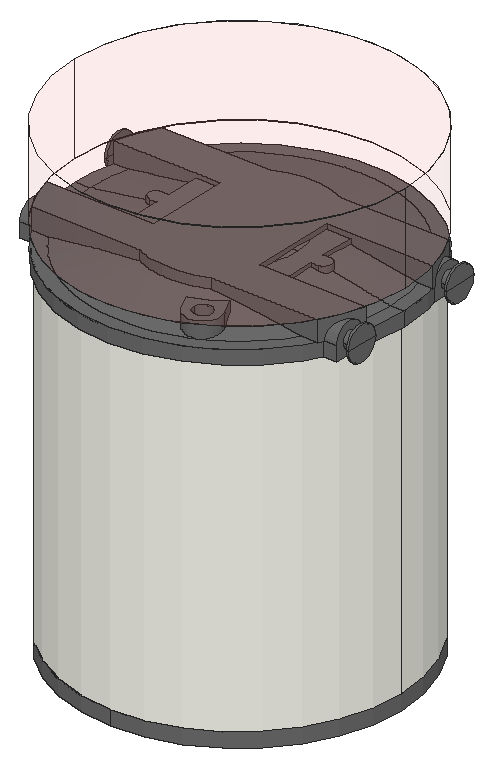
Revit family (continued)
Definition of nested family "Cooling_Plant_Accessories-Calmac-IceBank-Lid_C"
  Dimensions and locks (in)
    aligned and locked: curve 124 to cut or joined group of Revolve 1, Extrusion 2, Extrusion 4, Extrusion 5
    aligned and locked: curve 125 to cut or joined group of Revolve 1, Extrusion 2, Extrusion 4, Extrusion 5
    aligned and locked: curve 126 to cut or joined group of Revolve 1, Extrusion 2, Extrusion 4, Extrusion 5
    aligned and locked: curve 127 to cut or joined group of Revolve 1, Extrusion 2, Extrusion 4, Extrusion 5
    aligned and locked: curve 128 to cut or joined group of Revolve 1, Extrusion 2, Extrusion 4, Extrusion 5
    aligned and locked: curve 129 to cut or joined group of Revolve 1, Extrusion 2, Extrusion 4, Extrusion 5
    aligned and locked: curve 130 to cut or joined group of Revolve 1, Extrusion 2, Extrusion 4, Extrusion 5
    aligned and locked: curve 131 to cut or joined group of Revolve 1, Extrusion 2, Extrusion 4, Extrusion 5
    aligned and locked: curve 132 to cut or joined group of Revolve 1, Extrusion 2, Extrusion 4, Extrusion 5
    aligned and locked: curve 133 to cut or joined group of Revolve 1, Extrusion 2, Extrusion 4, Extrusion 5
    aligned and locked: curve 134 to cut or joined group of Revolve 1, Extrusion 2, Extrusion 4, Extrusion 5
    aligned and locked: curve 135 to cut or joined group of Revolve 1, Extrusion 2, Extrusion 4, Extrusion 5
    aligned and locked: curve 136 to cut or joined group of Revolve 1, Extrusion 2, Extrusion 4, Extrusion 5
    aligned and locked: curve 137 to cut or joined group of Revolve 1, Extrusion 2, Extrusion 4, Extrusion 5
    aligned and locked: curve 138 to cut or joined group of Revolve 1, Extrusion 2, Extrusion 4, Extrusion 5
    aligned and locked: curve 139 to cut or joined group of Revolve 1, Extrusion 2, Extrusion 4, Extrusion 5
    aligned and locked: curve 140 to cut or joined group of Revolve 1, Extrusion 2, Extrusion 4, Extrusion 5
    aligned and locked: curve 141 to cut or joined group of Revolve 1, Extrusion 2, Extrusion 4, Extrusion 5
    aligned and locked: curve 142 to cut or joined group of Revolve 1, Extrusion 2, Extrusion 4, Extrusion 5
    aligned and locked: curve 143 to cut or joined group of Revolve 1, Extrusion 2, Extrusion 4, Extrusion 5
    aligned and locked: curve 144 to cut or joined group of Revolve 1, Extrusion 2, Extrusion 4, Extrusion 5
    aligned and locked: curve 145 to cut or joined group of Revolve 1, Extrusion 2, Extrusion 4, Extrusion 5
    aligned and locked: curve 146 to cut or joined group of Revolve 1, Extrusion 2, Extrusion 4, Extrusion 5
    aligned and locked: curve 147 to cut or joined group of Revolve 1, Extrusion 2, Extrusion 4, Extrusion 5
    aligned and locked: curve 148 to cut or joined group of Revolve 1, Extrusion 2, Extrusion 4, Extrusion 5
    aligned and locked: cut or joined group of Revolve 1, Extrusion 2, Extrusion 4, Extrusion 5 to curve 149
    aligned and locked: curve 150 to cut or joined group of Revolve 1, Extrusion 2, Extrusion 4, Extrusion 5
    aligned and locked: curve 151 to cut or joined group of Revolve 1, Extrusion 2, Extrusion 4, Extrusion 5
    aligned and locked: cut or joined group of Revolve 1, Extrusion 2, Extrusion 4, Extrusion 5 to curve 152
    aligned and locked: curve 153 to cut or joined group of Revolve 1, Extrusion 2, Extrusion 4, Extrusion 5
    aligned and locked: curve 154 to cut or joined group of Revolve 1, Extrusion 2, Extrusion 4, Extrusion 5
    aligned and locked: curve 155 to cut or joined group of Revolve 1, Extrusion 2, Extrusion 4, Extrusion 5
    aligned and locked: curve 156 to cut or joined group of Revolve 1, Extrusion 2, Extrusion 4, Extrusion 5
    aligned and locked: curve 157 to cut or joined group of Revolve 1, Extrusion 2, Extrusion 4, Extrusion 5
    aligned and locked: curve 158 to cut or joined group of Revolve 1, Extrusion 2, Extrusion 4, Extrusion 5
    aligned and locked: curve 159 to cut or joined group of Revolve 1, Extrusion 2, Extrusion 4, Extrusion 5
    aligned and locked: curve 160 to cut or joined group of Revolve 1, Extrusion 2, Extrusion 4, Extrusion 5
    aligned and locked: curve 161 to cut or joined group of Revolve 1, Extrusion 2, Extrusion 4, Extrusion 5
    aligned and locked: curve 162 to cut or joined group of Revolve 1, Extrusion 2, Extrusion 4, Extrusion 5
    aligned and locked: curve 163 to cut or joined group of Revolve 1, Extrusion 2, Extrusion 4, Extrusion 5
    aligned and locked: curve 164 to cut or joined group of Revolve 1, Extrusion 2, Extrusion 4, Extrusion 5
    aligned and locked: curve 127 to curve 165
    aligned and locked: plane 19 "Rigging Front" to curve 166
    aligned and locked: plane 9 "Rigging Back" to curve 166
    aligned and locked: curve 121 to curve 167
    aligned and locked: plane 19 "Rigging Front" to curve 168
    aligned and locked: plane 9 "Rigging Back" to curve 168
    aligned and locked: plane 8 "Piping Back" to curve 167  (x2)
    aligned and locked: Masking region 3 sketch curve to plane 5 "Back Connector Back"
    aligned and locked: Masking region 3 sketch curve to plane 44 "Connection Sleeve Left"
    aligned and locked: plane 45 "Connection Sleeve Right" to Masking region 3 sketch curve
    aligned and locked: plane 15 "Front Connection Front" to Masking region 3 sketch curve
    aligned and locked: curve 169 to cut or joined group of Revolve 1, Extrusion 2, Extrusion 4, Extrusion 5
    aligned and locked: curve 170 to cut or joined group of Revolve 1, Extrusion 2, Extrusion 4, Extrusion 5
    aligned and locked: curve 171 to curve 169
    aligned and locked: curve 172 to curve 170
    aligned and locked: curve 173 to cut or joined group of Revolve 1, Extrusion 2, Extrusion 4, Extrusion 5
    aligned and locked: curve 174 to cut or joined group of Revolve 1, Extrusion 2, Extrusion 4, Extrusion 5
    aligned and locked: curve 175 to cut or joined group of Revolve 1, Extrusion 2, Extrusion 4, Extrusion 5
    aligned and locked: curve 176 to cut or joined group of Revolve 1, Extrusion 2, Extrusion 4, Extrusion 5
    aligned and locked: curve 177 to cut or joined group of Revolve 1, Extrusion 2, Extrusion 4, Extrusion 5
    aligned and locked: curve 178 to cut or joined group of Revolve 1, Extrusion 2, Extrusion 4, Extrusion 5
    aligned and locked: curve 179 to cut or joined group of Revolve 1, Extrusion 2, Extrusion 4, Extrusion 5
    aligned and locked: curve 180 to cut or joined group of Revolve 1, Extrusion 2, Extrusion 4, Extrusion 5
    aligned and locked: cut or joined group of Revolve 1, Extrusion 2, Extrusion 4, Extrusion 5 to curve 181
    aligned and locked: curve 182 to cut or joined group of Revolve 1, Extrusion 2, Extrusion 4, Extrusion 5
    aligned and locked: curve 183 to cut or joined group of Revolve 1, Extrusion 2, Extrusion 4, Extrusion 5
    aligned and locked: curve 184 to cut or joined group of Revolve 1, Extrusion 2, Extrusion 4, Extrusion 5
    aligned and locked: curve 185 to cut or joined group of Revolve 1, Extrusion 2, Extrusion 4, Extrusion 5
    aligned and locked: curve 186 to cut or joined group of Revolve 1, Extrusion 2, Extrusion 4, Extrusion 5
    aligned and locked: curve 187 to cut or joined group of Revolve 1, Extrusion 2, Extrusion 4, Extrusion 5
    aligned and locked: curve 188 to cut or joined group of Revolve 1, Extrusion 2, Extrusion 4, Extrusion 5
    aligned and locked: curve 189 to cut or joined group of Revolve 1, Extrusion 2, Extrusion 4, Extrusion 5
    aligned and locked: curve 190 to cut or joined group of Revolve 1, Extrusion 2, Extrusion 4, Extrusion 5
    aligned and locked: cut or joined group of Revolve 1, Extrusion 2, Extrusion 4, Extrusion 5 to curve 191
    aligned and locked: cut or joined group of Revolve 1, Extrusion 2, Extrusion 4, Extrusion 5 to curve 192
    aligned and locked: cut or joined group of Revolve 1, Extrusion 2, Extrusion 4, Extrusion 5 to curve 193
    aligned and locked: cut or joined group of Revolve 1, Extrusion 2, Extrusion 4, Extrusion 5 to curve 194
    aligned and locked: curve 195 to cut or joined group of Revolve 1, Extrusion 2, Extrusion 4, Extrusion 5
    aligned and locked: cut or joined group of Revolve 1, Extrusion 2, Extrusion 4, Extrusion 5 to curve 196
    aligned and locked: curve 197 to cut or joined group of Revolve 1, Extrusion 2, Extrusion 4, Extrusion 5
    aligned and locked: cut or joined group of Revolve 1, Extrusion 2, Extrusion 4, Extrusion 5 to curve 198
    aligned and locked: plane 6 "Back Connector Center" to nested 4
    aligned and locked: nested 4 to plane 44 "Connection Sleeve Left"
    aligned and locked: nested 1 to plane 6 "Back Connector Center"
    aligned and locked: nested 1 to plane 45 "Connection Sleeve Right"
    aligned and locked: plane 16 "Fron Connector Center" to nested 2
    aligned and locked: nested 2 to plane 45 "Connection Sleeve Right"
    aligned and locked: nested 3 to plane 16 "Fron Connector Center"
    aligned and locked: nested 3 to plane 44 "Connection Sleeve Left"
    aligned and locked: plane 2 "Bottom" to curve 201
    aligned and locked: plane 1 "Center (Front/Back)" to curve 201
    aligned and locked: plane 3 "Center (Left/Right)" to nested 5
    aligned and locked: plane 1 "Center (Front/Back)" to nested 5
    aligned: plane 54 "Top of Clearance Box" to nested 5
    aligned: plane 55 "Top" to nested 5  (x4)
    aligned and locked: Masking region 1 to plane 55 "Top"
    aligned and locked: plane 57 "Center (Elevation)" to Extrusion 3 sketch curve  (x4)
    aligned and locked: plane 7 "Back Connector Front" to Extrusion 3 sketch curve
    aligned and locked: plane 55 "Top" to cut or joined group of Revolve 1, Extrusion 2, Extrusion 4, Extrusion 5
    aligned and locked: plane 57 "Center (Elevation)" to curve 172
    aligned and locked: cut or joined group of Revolve 1, Extrusion 2, Extrusion 4, Extrusion 5 to plane 57 "Center (Elevation)"
    aligned: plane 57 "Center (Elevation)" to nested 1  (x2)
    aligned: plane 57 "Center (Elevation)" to nested 2  (x2)
    aligned and locked: plane 57 "Center (Elevation)" to cut or joined group of Revolve 1, Extrusion 2, Extrusion 4, Extrusion 5  (x5)
    aligned and locked: curve 171 to plane 57 "Center (Elevation)"
    aligned: plane 57 "Center (Elevation)" to nested 3
    aligned and locked: curve 120 to plane 56 "Connector Channel Top"
    aligned and locked: curve 114 to plane 56 "Connector Channel Top"
    aligned: Masking region 2 to plane 55 "Top"
    aligned: plane 56 "Connector Channel Top" to Masking region 2
    aligned and locked: plane 21 "Top Front Edge" to Masking region 2
    aligned and locked: plane 58 "Front Inset 2" to Masking region 2
    aligned and locked: plane 57 "Center (Elevation)" to curve 78
    aligned and locked: curve 173 to plane 57 "Center (Elevation)"
    aligned and locked: curve 77 to plane 8 "Piping Back"
    aligned and locked: plane 9 "Rigging Back" to curve 86
    aligned and locked: plane 19 "Rigging Front" to curve 80
    aligned and locked: curve 95 to plane 18 "Piping Front"
    aligned and locked: curve 84 to plane 10 "Rigging Loop Back"
    aligned and locked: curve 82 to plane 20 "Rigging Loop Front"
    aligned and locked: cut or joined group of Revolve 1, Extrusion 2, Extrusion 4, Extrusion 5 to plane 56 "Connector Channel Top"
    aligned and locked: nested 5 to plane 54 "Top of Clearance Box"
    aligned and locked: plane 57 "Center (Elevation)" to nested 1
    aligned and locked: plane 57 "Center (Elevation)" to nested 2
    aligned and locked: plane 57 "Center (Elevation)" to nested 3
    aligned and locked: plane 55 "Top" to nested 5  (x6)
    aligned and locked: plane 54 "Top of Clearance Box" to nested 5  (x4)
    aligned and locked: Masking region 2 sketch curve to plane 55 "Top"
    aligned and locked: plane 56 "Connector Channel Top" to Masking region 2 sketch curve
    aligned and locked: curve 202 to curve 187
    aligned and locked: curve 203 to curve 186
    aligned and locked: curve 204 to curve 185
    aligned and locked: curve 205 to curve 184
    aligned and locked: curve 206 to curve 183
    aligned and locked: curve 207 to curve 182
    aligned and locked: curve 208 to curve 181
    aligned and locked: curve 209 to curve 180
    aligned and locked: curve 210 to curve 179
    aligned and locked: curve 211 to curve 190
    aligned and locked: curve 212 to curve 189
    aligned and locked: curve 213 to curve 188
    aligned and locked: curve 214 to curve 172
    aligned and locked: curve 215 to curve 171
  Automatic sketch dimensions
    Extrusion 4 sketch curve to Extrusion 4 sketch curve = 0"
    Extrusion 5 sketch curve to plane 9 "Rigging Back" = 0"
    Extrusion 2 sketch curve to Extrusion 2 sketch curve = 0"  (x5)
    Extrusion 2 sketch curve to plane 35 "Top Left" = 0"
    Extrusion 2 sketch curve to plane 3 "Center (Left/Right)" = 0"
    Extrusion 2 sketch curve to plane 9 "Rigging Back" = 0"
    plane 30 "Left Lip Inset" to Extrusion 2 sketch curve = 1.96722"  (x2)
    plane 38 "Lid Inset Right" to Extrusion 2 sketch curve = 1.96722"  (x2)
    Extrusion 2 sketch curve to plane 20 "Rigging Loop Front" = 0.60261"
    Extrusion 2 sketch curve to plane 10 "Rigging Loop Back" = 0.60261"
    Masking region 2 sketch curve to plane 27 "Pad Eye Front Center" = 0.69072"
    Masking region 3 sketch curve to Masking region 3 sketch curve = 0"  (x7)
    Masking region 3 sketch curve to plane 5 "Back Connector Back" = 0"
    plane 15 "Front Connection Front" to Masking region 3 sketch curve = 0"
    Masking region 3 sketch curve to plane 43 "Top Right" = 29.61091"
    Masking region 3 sketch curve to plane 45 "Connection Sleeve Right" = 0"
    plane 38 "Lid Inset Right" to Masking region 3 sketch curve = 1.34348"
    Revolve 1 sketch curve to Revolve 1 sketch curve = 3 3/4"
    Revolve 1 sketch curve to Revolve 1 sketch curve = 9"
    Revolve 1 sketch curve to Revolve 1 sketch curve = 0"
    Masking region 1 sketch curve to Masking region 1 sketch curve = 9 1/4"
    Masking region 2 sketch curve to plane 22 "Front Inset" = 0"
    Masking region 2 sketch curve to Masking region 2 sketch curve = 3 3/4"
    Masking region 2 sketch curve to Masking region 2 sketch curve = 0.64281"
    level to Masking region 2 sketch curve = 6.26888"
    level to Masking region 2 sketch curve = 6.54801"
    Masking region 2 sketch curve to Masking region 2 sketch curve = 0.27913"
    Masking region 2 sketch curve to Masking region 2 sketch curve = 3.60719"
    curve 97 to level = 0"
    curve 97 to plane 44 "Connection Sleeve Left" = 0"
    curve 119 to plane 57 "Center (Elevation)" = 0"
    curve 119 to level = 0"
    curve 100 to plane 50 "Top Left Inset" = 0"
    curve 99 to plane 3 "Center (Left/Right)" = 0"
    curve 101 to plane 56 "Connector Channel Top" = 0"
    plane 43 "Top Right" to curve 103 = 0"
    plane 51 "Top Right Inset" to curve 110 = 0"
    curve 116 to plane 57 "Center (Elevation)" = 0"
    plane 45 "Connection Sleeve Right" to curve 114 = 0"
    curve 111 to level = 0"
    curve 100 to plane 55 "Top" = 0"
    curve 110 to plane 55 "Top" = 0"
    plane 44 "Connection Sleeve Left" to curve 117 = 0.88726"
    curve 117 to plane 30 "Left Lip Inset" = 0.835"
    curve 117 to plane 50 "Top Left Inset" = 0.71316"
    curve 119 to curve 98 = 0.55915"
    plane 50 "Top Left Inset" to curve 115 = 4.45635"
    curve 99 to plane 32 "Left Rigging Loop Inset" = 1.17979"
    plane 35 "Top Left" to curve 99 = 0"
    plane 43 "Top Right" to curve 99 = 0.20898"
    plane 57 "Center (Elevation)" to curve 106 = 0.73854"
    curve 106 to plane 43 "Top Right" = 2.02375"
    plane 46 "Right Center" to curve 106 = 0.99812"
    plane 46 "Right Center" to curve 106 = 0.88046"
    curve 108 to plane 46 "Right Center" = 0.34333"
    plane 41 "Right Rigging Loop Left" to curve 107 = 0.48196"
    curve 107 to curve 107 = 0.0769"
    plane 41 "Right Rigging Loop Left" to curve 102 = 0.25712"
    curve 109 to curve 98 = 5.53004"
    curve 116 to plane 51 "Top Right Inset" = 0.55915"
    curve 112 to plane 51 "Top Right Inset" = 0.71316"
    curve 114 to plane 38 "Lid Inset Right" = 0.835"
    plane 45 "Connection Sleeve Right" to curve 112 = 0.88726"
    plane 57 "Center (Elevation)" to curve 107 = 0.21408"
    plane 57 "Center (Elevation)" to curve 101 = 1.59188"
    plane 57 "Center (Elevation)" to curve 112 = 1.76036"
    plane 57 "Center (Elevation)" to curve 118 = 1.76036"
    curve 104 to curve 109 = 1.3737"
    curve 101 to curve 99 = 1.22618"
    level to curve 115 = 6.56901"
    curve 198 to plane 18 "Piping Front" = 0"
    curve 198 to plane 57 "Center (Elevation)" = 0"
    curve 198 to plane 55 "Top" = 0"
    curve 197 to plane 57 "Center (Elevation)" = 0.14855"
    curve 197 to plane 8 "Piping Back" = 0"
    curve 197 to plane 55 "Top" = 0"
    curve 196 to plane 18 "Piping Front" = 0"
    curve 195 to plane 8 "Piping Back" = 0"
    curve 195 to plane 57 "Center (Elevation)" = 0"
    curve 195 to plane 55 "Top" = 0"
    curve 196 to plane 57 "Center (Elevation)" = 0"
    curve 196 to plane 55 "Top" = 0.21345"
    curve 122 to curve 126 = 0"  (x2)
    curve 122 to curve 130 = 0"  (x2)
    curve 122 to curve 134 = 0"  (x2)
    curve 122 to curve 140 = 0"  (x2)
    curve 122 to curve 141 = 0"
    curve 122 to curve 155 = 0"
    curve 122 to curve 156 = 0"  (x2)
    curve 122 to curve 166 = 0"  (x2)
    curve 122 to curve 168 = 0"  (x2)
    curve 122 to curve 171 = 0"  (x2)
    curve 122 to curve 173 = 0"  (x2)
    curve 122 to curve 174 = 0"  (x2)
    curve 122 to curve 175 = 0"  (x2)
    curve 122 to curve 176 = 0"
    curve 122 to curve 177 = 0"  (x2)
    curve 122 to curve 178 = 0"
    curve 128 to curve 186 = 0"  (x2)
    curve 136 to curve 180 = 0"
    curve 161 to curve 163 = 0"
    curve 161 to curve 164 = 0"
    curve 133 to plane 52 "Right Side Chanel" = 0"
    curve 131 to plane 52 "Right Side Chanel" = 0"
    curve 178 to plane 38 "Lid Inset Right" = 0"
    plane 20 "Rigging Loop Front" to curve 145 = 0"
    plane 1 "Center (Front/Back)" to curve 146 = 0"
    curve 143 to plane 41 "Right Rigging Loop Left" = 0"
    curve 147 to plane 41 "Right Rigging Loop Left" = 0"
    curve 189 to plane 42 "Right Rigging Left" = 0"
    curve 128 to plane 43 "Top Right" = 0"
    curve 135 to plane 43 "Top Right" = 0"
    plane 18 "Piping Front" to curve 186 = 0"
    curve 186 to plane 43 "Top Right" = 0"
    curve 165 to plane 3 "Center (Left/Right)" = 0"
    curve 186 to plane 3 "Center (Left/Right)" = 0"
    curve 180 to plane 3 "Center (Left/Right)" = 0"
    curve 167 to plane 3 "Center (Left/Right)" = 0"
    plane 18 "Piping Front" to curve 127 = 0"
    curve 123 to plane 34 "Left Rigging Right" = 0"
    curve 153 to plane 33 "Left Rigging Loop Right" = 0"
    curve 158 to plane 33 "Left Rigging Loop Right" = 0"
    curve 150 to plane 10 "Rigging Loop Back" = 0"
    plane 1 "Center (Front/Back)" to curve 150 = 0"
    curve 122 to plane 50 "Top Left Inset" = 0"
    curve 126 to plane 50 "Top Left Inset" = 0"
    curve 176 to plane 30 "Left Lip Inset" = 0"
    curve 168 to curve 178 = 0"
    curve 130 to curve 174 = 4.45635"
    curve 165 to curve 174 = 0"
    plane 51 "Top Right Inset" to curve 173 = 4.45635"
    curve 167 to curve 173 = 0"
    curve 145 to plane 40 "Right Rigging Loop Inset" = 1.25367"
    curve 161 to plane 24 "Pad Eye Back Left Offset" = 0.24397"
    plane 41 "Right Rigging Loop Left" to curve 161 = 0.73123"
    curve 163 to plane 46 "Right Center" = 0.40154"
    plane 46 "Right Center" to curve 162 = 0.11395"
    curve 161 to plane 42 "Right Rigging Left" = 1.55753"
    curve 141 to plane 42 "Right Rigging Left" = 1.24396"
    plane 25 "Pad Eye Hole" to curve 161 = 0.41045"
    plane 42 "Right Rigging Left" to curve 161 = 2.62837"
    plane 26 "Pad Eye Back Left" to curve 160 = 0.04987"
    plane 43 "Top Right" to curve 160 = 0.20898"
    plane 43 "Top Right" to curve 179 = 0.88239"
    plane 1 "Center (Front/Back)" to curve 159 = 0.00093"
    plane 3 "Center (Left/Right)" to curve 159 = 0.00344"
    curve 156 to plane 34 "Left Rigging Right" = 1.24396"
    curve 150 to plane 32 "Left Rigging Loop Inset" = 1.24992"
    curve 166 to curve 175 = 0"
    curve 180 to plane 10 "Rigging Loop Back" = 0.60261"
    curve 167 to plane 1 "Center (Front/Back)" = 0.00493"
    curve 159 to curve 165 = 0.03088"
    curve 128 to plane 20 "Rigging Loop Front" = 0.60261"
    curve 194 to plane 19 "Rigging Front" = 0"
    curve 193 to plane 9 "Rigging Back" = 0"
    curve 194 to plane 57 "Center (Elevation)" = 0"
    curve 193 to plane 57 "Center (Elevation)" = 0"
    curve 194 to plane 55 "Top" = 0"
    curve 193 to plane 55 "Top" = 0"
    curve 192 to plane 57 "Center (Elevation)" = 0"
    curve 192 to plane 55 "Top" = 0"
    curve 191 to plane 9 "Rigging Back" = 0"
    curve 191 to plane 57 "Center (Elevation)" = 0"
    curve 191 to plane 55 "Top" = 0"
    curve 192 to plane 19 "Rigging Front" = 0"
    curve 92 to plane 21 "Top Front Edge" = 0"
    curve 76 to plane 11 "Top Back Edge" = 0"
    curve 78 to plane 12 "Back Inset" = 0"
    level to curve 74 = 0"
    level to curve 89 = 0"
    level to curve 90 = 0"
    level to curve 75 = 0"
    plane 56 "Connector Channel Top" to curve 81 = 0"
    plane 56 "Connector Channel Top" to curve 85 = 0"
    curve 80 to plane 55 "Top" = 0"
    curve 77 to plane 55 "Top" = 0"
    curve 201 to plane 55 "Top" = 0"
    curve 86 to plane 55 "Top" = 0"
    curve 95 to plane 55 "Top" = 0"
    plane 23 "Pad Eye Back Right" to curve 91 = 0.21387"
    curve 91 to plane 58 "Front Inset 2" = 0.00052"
    plane 22 "Front Inset" to curve 96 = 0.00227"
    plane 18 "Piping Front" to curve 92 = 0.02422"
    curve 93 to plane 20 "Rigging Loop Front" = 0.00136"
    plane 1 "Center (Front/Back)" to curve 94 = 0.0138"
    plane 1 "Center (Front/Back)" to curve 94 = 0.00177"
    curve 93 to plane 1 "Center (Front/Back)" = 0.01386"
    curve 94 to plane 10 "Rigging Loop Back" = 0.00136"
    curve 76 to plane 8 "Piping Back" = 0.00969"
    plane 56 "Connector Channel Top" to curve 93 = 1.56605"
    plane 56 "Connector Channel Top" to curve 76 = 1.45199"
    plane 56 "Connector Channel Top" to curve 92 = 1.45199"
    curve 94 to curve 93 = 0.32132"
    curve 94 to curve 83 = 0.34177"
    curve 94 to curve 84 = 0.00054"
    curve 94 to curve 94 = 0.00054"
    curve 82 to curve 93 = 0.00002"
    curve 93 to curve 93 = 0.00002"
    curve 16 to curve 167 = 1.61517"
    curve 18 to curve 18 = 0.6236"
    curve 17 to plane 11 "Top Back Edge" = 1.60052"
    curve 18 to curve 17 = 0.6236"
    curve 18 to curve 16 = 1.56427"
    curve 16 to curve 17 = 1.24719"
    curve 18 to curve 17 = 0.78196"
    curve 17 to curve 17 = 1.24746"
    curve 16 to curve 17 = 1.56393"
    curve 15 to plane 31 "Left Rigging Loop Left" = 0.92879"
    curve 15 to curve 15 = 0.78196"
    curve 15 to curve 13 = 1.24746"
    curve 15 to curve 14 = 0.78196"
    curve 13 to curve 14 = 1.56393"
    curve 14 to curve 16 = 5.29454"
    curve 15 to curve 14 = 0.6236"
    curve 14 to curve 14 = 1.56427"
    curve 13 to curve 14 = 1.24719"
    plane 1 "Center (Front/Back)" to curve 60 = 0"
    curve 1 to plane 47 "Bolt Inset Right" = 0"
    curve 41 to plane 14 "Front" = 0"
    curve 41 to plane 47 "Bolt Inset Right" = 0"
    curve 42 to plane 3 "Center (Left/Right)" = 0"
    curve 2 to plane 48 "Bolt Inset Left" = 0"
    plane 1 "Center (Front/Back)" to curve 24 = 0"
    plane 4 "Back" to curve 2 = 0"
    plane 4 "Back" to curve 1 = 0"
    plane 49 "Bolt Inset Center" to curve 3 = 0"
    curve 40 to plane 14 "Front" = 0"
    curve 58 to plane 37 "Right" = 0.00227"
    curve 59 to plane 37 "Right" = 0.00227"
    curve 61 to plane 52 "Right Side Chanel" = 0.5656"
    curve 56 to plane 52 "Right Side Chanel" = 0.5656"
    curve 55 to plane 52 "Right Side Chanel" = 0.12048"
    curve 62 to plane 52 "Right Side Chanel" = 0.12048"
    plane 45 "Connection Sleeve Right" to curve 60 = 0.26851"
    curve 56 to plane 38 "Lid Inset Right" = 0.97814"
    curve 63 to plane 38 "Lid Inset Right" = 0.97814"
    curve 63 to plane 38 "Lid Inset Right" = 0.75558"
    curve 57 to plane 38 "Lid Inset Right" = 0.75558"
    curve 62 to plane 38 "Lid Inset Right" = 0.53302"
    curve 55 to plane 38 "Lid Inset Right" = 0.53302"
    curve 53 to plane 23 "Pad Eye Back Right" = 1.03206"
    plane 51 "Top Right Inset" to curve 53 = 3.26006"
    plane 51 "Top Right Inset" to curve 64 = 3.26006"
    plane 26 "Pad Eye Back Left" to curve 52 = 1.31658"
    curve 53 to curve 52 = 1.24719"
    curve 64 to curve 65 = 1.24719"
    curve 64 to curve 66 = 1.56427"
    curve 64 to plane 11 "Top Back Edge" = 1.60052"
    plane 23 "Pad Eye Back Right" to curve 53 = 0.21541"
    curve 53 to curve 53 = 1.56427"
    curve 53 to curve 54 = 0.6236"
    curve 66 to curve 66 = 0.6236"  (x2)
    curve 54 to curve 52 = 0.6236"
    curve 67 to plane 39 "Right Rigging Loop Right" = 3.74019"
    plane 25 "Pad Eye Hole" to curve 50 = 0.6295"
    curve 50 to plane 39 "Right Rigging Loop Right" = 3.74019"
    curve 67 to curve 67 = 1.24746"
    curve 50 to curve 50 = 1.24746"
    curve 49 to plane 25 "Pad Eye Hole" = 0.61769"
    curve 50 to curve 49 = 1.56393"
    curve 67 to curve 68 = 1.56393"
    curve 69 to curve 69 = 0.78196"
    curve 50 to curve 51 = 0.78196"
    curve 49 to plane 39 "Right Rigging Loop Right" = 0.92879"
    curve 69 to plane 39 "Right Rigging Loop Right" = 0.92879"
    plane 41 "Right Rigging Loop Left" to curve 47 = 0.54143"
    plane 41 "Right Rigging Loop Left" to curve 70 = 0.54143"
    plane 41 "Right Rigging Loop Left" to curve 48 = 1.40954"
    plane 41 "Right Rigging Loop Left" to curve 72 = 1.40954"
    curve 72 to plane 46 "Right Center" = 0.53926"
    curve 48 to plane 46 "Right Center" = 0.53926"
    plane 22 "Front Inset" to curve 46 = 0.13961"
    curve 46 to plane 46 "Right Center" = 0.50624"
    plane 12 "Back Inset" to curve 71 = 0.13961"
    curve 71 to plane 46 "Right Center" = 0.50624"
    plane 46 "Right Center" to curve 48 = 0.36187"
    plane 46 "Right Center" to curve 72 = 0.36187"
    curve 4 to plane 43 "Top Right" = 1.29276"
    curve 44 to plane 43 "Top Right" = 1.29276"
    curve 45 to plane 43 "Top Right" = 0.84755"
    plane 13 "Back Bolt Front" to curve 6 = 0.28224"
    curve 6 to plane 43 "Top Right" = 0.84755"
    plane 43 "Top Right" to curve 45 = 0.12755"
    plane 13 "Back Bolt Front" to curve 6 = 0.05968"
    plane 43 "Top Right" to curve 6 = 0.12755"
    plane 43 "Top Right" to curve 43 = 0.65743"
    plane 43 "Top Right" to curve 5 = 0.65743"
    curve 45 to curve 43 = 0.97509"
    curve 5 to plane 13 "Back Bolt Front" = 0.16288"
    curve 9 to plane 13 "Back Bolt Front" = 0.16288"
    plane 35 "Top Left" to curve 9 = 1.10264"
    plane 35 "Top Left" to curve 38 = 1.10264"
    plane 35 "Top Left" to curve 38 = 0.65743"
    plane 35 "Top Left" to curve 7 = 0.65743"
    plane 35 "Top Left" to curve 39 = 0.12755"
    plane 13 "Back Bolt Front" to curve 9 = 0.05968"
    plane 35 "Top Left" to curve 9 = 0.12755"
    curve 39 to plane 22 "Front Inset" = 0.53076"
    curve 39 to plane 35 "Top Left" = 0.84755"
    plane 13 "Back Bolt Front" to curve 8 = 0.28224"
    curve 8 to plane 35 "Top Left" = 1.29276"
    curve 37 to plane 35 "Top Left" = 1.29276"
    plane 33 "Left Rigging Loop Right" to curve 36 = 3.21178"
    plane 33 "Left Rigging Loop Right" to curve 12 = 3.21178"
    plane 12 "Back Inset" to curve 10 = 0.13961"
    curve 10 to curve 10 = 0.8681"
    plane 22 "Front Inset" to curve 35 = 0.13961"
    curve 36 to curve 35 = 0.8681"
    curve 12 to curve 12 = 0.90112"
    curve 35 to curve 36 = 0.90112"
    curve 12 to curve 11 = 0.90112"
    curve 36 to plane 58 "Front Inset 2" = 0.83541"
    curve 36 to curve 36 = 0.90112"
    plane 33 "Left Rigging Loop Right" to curve 11 = 0.54143"
    plane 33 "Left Rigging Loop Right" to curve 34 = 0.54143"
    curve 32 to plane 31 "Left Rigging Loop Left" = 0.92879"
    curve 32 to curve 33 = 0.78196"
    curve 32 to plane 25 "Pad Eye Hole" = 0.61769"
    curve 33 to curve 32 = 1.24746"
    curve 33 to curve 33 = 0.78196"
    plane 25 "Pad Eye Hole" to curve 31 = 0.6295"
    curve 32 to curve 31 = 1.56393"
    curve 30 to curve 165 = 1.61517"
    curve 29 to plane 23 "Pad Eye Back Right" = 1.34852"
    curve 29 to curve 30 = 0.6236"
    plane 23 "Pad Eye Back Right" to curve 28 = 0.21541"
    curve 30 to curve 28 = 0.6236"
    plane 26 "Pad Eye Back Left" to curve 29 = 1.31658"
    curve 30 to curve 29 = 1.56427"
    curve 28 to plane 23 "Pad Eye Back Right" = 1.03206"
    curve 29 to curve 28 = 1.24719"
    curve 19 to plane 30 "Left Lip Inset" = 0.53302"
    curve 27 to plane 30 "Left Lip Inset" = 0.53302"
    curve 21 to plane 30 "Left Lip Inset" = 0.75558"
    curve 27 to plane 30 "Left Lip Inset" = 0.75558"
    curve 20 to plane 30 "Left Lip Inset" = 0.97814"
    curve 27 to plane 30 "Left Lip Inset" = 0.97814"
    plane 44 "Connection Sleeve Left" to curve 23 = 0.26851"
    curve 26 to plane 53 "Left Side Channel" = 0.12048"
    curve 19 to plane 53 "Left Side Channel" = 0.12048"
    curve 20 to plane 53 "Left Side Channel" = 0.5656"
    curve 25 to plane 53 "Left Side Channel" = 0.5656"
    curve 22 to plane 29 "Left" = 0.00227"
    curve 23 to plane 29 "Left" = 0.00227"
    plane 4 "Back" to curve 5 = 0.88851"
    plane 4 "Back" to curve 7 = 0.88851"
    curve 8 to plane 49 "Bolt Inset Center" = 0.66715"
    curve 4 to plane 49 "Bolt Inset Center" = 0.66715"
    plane 12 "Back Inset" to curve 11 = 1.00752"
    plane 12 "Back Inset" to curve 70 = 1.00752"
    plane 12 "Back Inset" to curve 10 = 1.94225"
    plane 12 "Back Inset" to curve 71 = 1.94225"
    curve 12 to curve 12 = 0.43396"
    curve 71 to curve 72 = 0.43396"
    plane 12 "Back Inset" to curve 68 = 5.22954"
    curve 68 to curve 67 = 1.24719"
    curve 68 to curve 68 = 1.56427"
    curve 68 to curve 69 = 0.6236"
    curve 65 to curve 64 = 2.81139"
    curve 65 to curve 64 = 1.56393"
    curve 65 to curve 66 = 0.78196"
    curve 19 to plane 9 "Rigging Back" = 0.41389"
    curve 62 to plane 9 "Rigging Back" = 0.41389"
    curve 21 to plane 9 "Rigging Back" = 0.85911"
    curve 62 to plane 9 "Rigging Back" = 0.85911"
    curve 62 to curve 63 = 0.97509"
    curve 21 to curve 21 = 0.97509"
    curve 62 to curve 61 = 1.95019"
    curve 19 to curve 20 = 1.95019"
    curve 59 to plane 10 "Rigging Loop Back" = 0.99983"
    curve 24 to plane 10 "Rigging Loop Back" = 0.99983"
    curve 25 to plane 19 "Rigging Front" = 2.80929"
    curve 56 to plane 19 "Rigging Front" = 2.80929"
    curve 57 to curve 56 = 0.44521"
    curve 25 to curve 25 = 0.44521"
    curve 56 to curve 57 = 0.97509"
    curve 27 to curve 27 = 0.97509"
    curve 26 to plane 19 "Rigging Front" = 0.41389"
    curve 55 to plane 19 "Rigging Front" = 0.41389"
    curve 54 to plane 23 "Pad Eye Back Right" = 0.56656"
    curve 33 to curve 31 = 1.56427"
    curve 51 to curve 50 = 1.56427"
    curve 50 to curve 51 = 0.6236"
    curve 33 to curve 33 = 0.6236"
    curve 48 to plane 58 "Front Inset 2" = 0.83541"
    curve 36 to curve 36 = 0.43396"
    curve 47 to curve 48 = 0.43396"
    plane 22 "Front Inset" to curve 47 = 1.00752"
    plane 22 "Front Inset" to curve 34 = 1.00752"
    curve 44 to plane 22 "Front Inset" = 0.53076"
    curve 39 to plane 22 "Front Inset" = 0.75332"
    curve 45 to plane 22 "Front Inset" = 0.75332"
    curve 40 to plane 22 "Front Inset" = 1.81422"
    plane 14 "Front" to curve 44 = 1.33363"
    plane 14 "Front" to curve 37 = 1.33363"
    plane 14 "Front" to curve 43 = 0.88851"
    plane 14 "Front" to curve 38 = 0.88851"
    curve 200 to plane 3 "Center (Left/Right)" = 0"
    curve 210 to curve 209 = 0.88239"
    curve 199 to plane 37 "Right" = 0"
    plane 1 "Center (Front/Back)" to curve 199 = 0"
    curve 199 to plane 29 "Left" = 0"
    curve 214 to curve 216 = 0"  (x2)
    curve 214 to curve 217 = 0"  (x2)
    curve 202 to plane 51 "Top Right Inset" = 0"
    plane 14 "Front" to curve 200 = 0.00227"
    curve 207 to plane 53 "Left Side Channel" = 0"
    plane 4 "Back" to curve 200 = 0.00227"
  Nested families (in)
    nested 1: "Cooling_Plant_Accessories-Calmac-IceBank-4-Inch Flanged Connection" at (42.58273, 16.5, 3.75), Pipe Material <- "Pipe Material", visible <- "Is Back Right Flanged Connector Visibility", type "Flanged Connection"
      with Pipe Material Plastic- Calmac- Black
    nested 2: "Cooling_Plant_Accessories-Calmac-IceBank-4-Inch Flanged Connection" at (42.58273, -16.5, 3.75), Pipe Material <- "Pipe Material", visible <- "Is Front Right  Flanged Connector Visibility", type "Flanged Connection"
      with Pipe Material Plastic- Calmac- Black
    nested 3: "Cooling_Plant_Accessories-Calmac-IceBank-4-Inch Flanged Connection" at (-42.58273, -16.5, 3.75) x (-1, 0, 0) z (0, 0, 1), Pipe Material <- "Pipe Material", visible <- "Is Front Left  Flanged Connector Visibility", type "Flanged Connection"
      with Pipe Material Plastic- Calmac- Black
    nested 4: "Cooling_Plant_Accessories-Calmac-IceBank-4-Inch Flanged Connection" at (-42.58273, 16.5, 3.75) x (-1, 0, 0) z (0, 0, 1), Pipe Material <- "Pipe Material", visible <- "Is Back Left  Flanged Connector Visibility", type "Flanged Connection"
      with Pipe Material Plastic- Calmac- Black
    nested 5: "Cooling_Plant_Accessories-Calmac-IceBankClearance Box" at (0, 0, 15.25), CTRL Radius <- "CTRL Radius", visible <- "Is Clearance Box Visible", type "Include Clearance"
      with Width 88 5/8", Height 36", Depth 88 5/8", CTRL Radius 44 5/16"
  Definition of nested family "Cooling_Plant_Accessories-Calmac-IceBank-4-Inch Flanged Connection"
    Parameters (values of type "4"")
      Pipe Material [instance] = none
      No Flange = not(Has Flange)  # no
      Has Flange = yes
    Reference planes (in)
      plane 1 "Center (Front/Back)": y = 0
      plane 2 "Center (Elevation)": z = 0
      plane 3 "Center (Left/Right)": x = 0
      plane 4 "Back": y = 4.5
      plane 5 "Back Face": x = 2.79297
      plane 6 "Base Back": y = 2.25
      plane 7 "Fase Back": y = 3
      plane 8 "Front": y = -4.5
      plane 9 "Base Front": y = -2.25
      plane 10 "Face Front": y = -3
      plane 11 "Face": x = 3.41797
      plane 12 "T.O. Flange": z = 4.5
      plane 13 "T.O. Pipe": z = 2.25
      plane 14 "B.O. Flange": z = -4.5
      plane 15 "B.O. Pipe": z = -2.25
    Forms (in)
      Revolve 1, solid, material <- "Pipe Material", visible <- "Has Flange", detail levels fine
        sketch origin (0, 0, 0) x (1, 0, 0) y (0, 1, 0)
          loop
            line (0, 2.25) -> (0, 0) -> (3.41797, 0) -> (3.41797, 4.5) -> (2.79297, 4.5) -> (2.79297, 2.25) -> (0, 2.25)
          axis (0, 0) -> (3.41797, 0)
        angle from 0 to 360
      Extrusion 2, solid, material <- "Pipe Material", visible <- "No Flange", detail levels fine
        sketch origin (3.41797, 0, 0) x (0, 1, 0) y (0, 0, 1)
          loop
            circle (0, 0) r 2.25
        from -3.41797 to 0
    Lines and regions (in)
      Masking region 1, detail levels fine
        outline origin (0, 0, 0) x (0, 1, 0) y (0, 0, 1)
          loop
            circle (0, 0) r 4.5
      Masking region 2, detail levels fine
        outline origin (0, 0, 0) x (1, 0, 0) y (0, 0, 1)
          loop
            line (3.41797, 4.5) -> (2.79297, 4.5) -> (2.79297, 2.25) -> (0, 2.25) -> (0, -2.25) -> (2.79297, -2.25) -> (2.79297, -4.5) -> (3.41797, -4.5) -> (3.41797, 4.5)
      Masking region 3, visible <- "Has Flange", detail levels fine
        outline origin (0, 0, 0) x (1, 0, 0) y (0, 1, 0)
          loop
            line (0, 2.25) -> (0, -2.25) -> (2.79297, -2.25) -> (2.79297, -4.5) -> (3.41797, -4.5) -> (3.41797, 4.5) -> (2.79297, 4.5) -> (2.79297, 2.25) -> (0, 2.25)
      Masking region 4, visible <- "No Flange", detail levels fine
        outline origin (0, 0, 0) x (1, 0, 0) y (0, 1, 0)
          loop
            line (0, 2.25) -> (0, -2.25) -> (3.41797, -2.25) -> (3.41797, 2.25) -> (0, 2.25)
      model lines, style "Piping", detail levels medium
        curve 1: line (0, 0, 0) -> (3.41797, 0, 0)
        curve 2: arc (3.41797, -4.5, 0) -> (3.41797, 0, 4.5) -> (3.41797, 4.5, 0) r 4.5
        curve 3: arc (3.41797, 4.5, 0) -> (3.41797, 0, -4.5) -> (3.41797, -4.5, 0) r 4.5
      symbolic lines, detail levels coarse+medium
        curve 4: line (0, 0, 0) -> (3.41797, 0, 0)
        curve 5: line (0, 0, 0) -> (3.41797, 0, 0)
    Dimensions and locks (in)
      locked: plane 4 "Back" to plane 7 "Fase Back" at 1.5
      locked: plane 4 "Back" to plane 6 "Base Back" at 2.25
      locked: plane 8 "Front" to plane 10 "Face Front" at 1.5
      locked: plane 8 "Front" to plane 9 "Base Front" at 2.25
      locked: plane 1 "Center (Front/Back)" to plane 6 "Base Back" at 2.25
      locked: plane 9 "Base Front" to plane 1 "Center (Front/Back)" at 2.25
      locked: plane 3 "Center (Left/Right)" to plane 11 "Face" at 3.41797
      locked: plane 5 "Back Face" to plane 11 "Face" at 0.625
      locked: plane 2 "Center (Elevation)" to plane 14 "B.O. Flange" at 4.5
      locked: plane 2 "Center (Elevation)" to plane 15 "B.O. Pipe" at 2.25
      locked: plane 12 "T.O. Flange" to plane 2 "Center (Elevation)" at 4.5
      locked: plane 12 "T.O. Flange" to plane 13 "T.O. Pipe" at 2.25
      aligned and locked: Revolve 1 sketch curve to plane 3 "Center (Left/Right)"
      aligned and locked: Revolve 1 sketch curve to plane 5 "Back Face"
      aligned and locked: Revolve 1 sketch curve to plane 11 "Face"
      aligned and locked: Revolve 1 sketch curve to plane 1 "Center (Front/Back)"
      aligned and locked: Revolve 1 sketch curve to plane 4 "Back"
      aligned and locked: Revolve 1 sketch curve to plane 6 "Base Back"
      aligned and locked: plane 1 "Center (Front/Back)" to Revolve 1 sketch curve  (x2)
      aligned and locked: plane 3 "Center (Left/Right)" to Revolve 1 sketch curve
      aligned and locked: Masking region 1 sketch curve to Revolve 1  (x2)
      aligned and locked: Masking region 2 sketch curve to Revolve 1  (x3)
      aligned and locked: Masking region 2 sketch curve to plane 5 "Back Face"
      aligned and locked: Masking region 2 sketch curve to plane 3 "Center (Left/Right)"
      aligned and locked: Masking region 3 sketch curve to plane 3 "Center (Left/Right)"
      aligned and locked: Masking region 3 sketch curve to plane 4 "Back"
      aligned and locked: Masking region 3 sketch curve to plane 6 "Base Back"
      aligned and locked: plane 9 "Base Front" to Masking region 3 sketch curve
      aligned and locked: plane 8 "Front" to Masking region 3 sketch curve
      aligned and locked: Masking region 3 sketch curve to plane 11 "Face"
      aligned and locked: Masking region 3 sketch curve to plane 5 "Back Face"  (x2)
      aligned and locked: plane 1 "Center (Front/Back)" to curve 1
      aligned and locked: plane 3 "Center (Left/Right)" to curve 1
      aligned and locked: curve 2 to Revolve 1
      aligned and locked: curve 3 to Revolve 1
      aligned and locked: plane 11 "Face" to curve 1
      aligned and locked: plane 11 "Face" to curve 4
      aligned and locked: plane 3 "Center (Left/Right)" to curve 4
      aligned and locked: plane 1 "Center (Front/Back)" to curve 4
      aligned and locked: plane 11 "Face" to curve 5
      aligned and locked: plane 3 "Center (Left/Right)" to curve 5
      aligned and locked: curve 5 to plane 2 "Center (Elevation)"
      aligned and locked: Masking region 2 to plane 12 "T.O. Flange"
      aligned and locked: plane 13 "T.O. Pipe" to Masking region 2
      aligned and locked: plane 2 "Center (Elevation)" to curve 1
      aligned and locked: plane 15 "B.O. Pipe" to Masking region 2
      aligned and locked: Masking region 2 to plane 14 "B.O. Flange"
      aligned and locked: plane 1 "Center (Front/Back)" to Extrusion 2 sketch curve
      aligned and locked: plane 2 "Center (Elevation)" to Extrusion 2 sketch curve
      aligned and locked: Extrusion 2 to plane 3 "Center (Left/Right)"
      aligned and locked: plane 11 "Face" to Extrusion 2
      aligned and locked: Masking region 4 sketch curve to plane 9 "Base Front"
      aligned and locked: Masking region 4 sketch curve to plane 6 "Base Back"
      aligned and locked: plane 3 "Center (Left/Right)" to Masking region 4 sketch curve
      aligned and locked: Masking region 4 sketch curve to plane 11 "Face"
  Definition of nested family "Cooling_Plant_Accessories-Calmac-IceBankClearance Box"
    Parameters (values of type "Include Clearance")
      Width [instance] = CTRL Radius * 2  # 89"
      Height [instance] = 36"
      Depth [instance] = Width  # 89"
      Clearance Material = Clearance
      CTRL Radius [instance] = 44 1/2"
      Assembly Code = ""
    Reference planes (in)
      plane 1 "Center (Front/Back)": y = 0
      plane 2 "Bottom": z = -6
      plane 3 "Center (Left/Right)": x = 0
      plane 4 "Top": z = 30
      plane 5 "Back": y = 44.5
      plane 6 "Left": x = -44.5
      plane 7 "Front": y = -44.5
      plane 8 "Right": x = 44.5
      plane 9 "Center (Elevation)": z = 12
    Forms (in)
      Extrusion 1, solid, material "Clearance" <- "Clearance Material"
        sketch origin (0, 0, 30) x (-1, 0, 0) y (0, -1, 0)
          loop
            circle (0, 0) r 44.5
        from -36 to 0
    Lines and regions (in)
      symbolic lines, style "Clearance"
        curve 1: line (-44.5, 0, 30) -> (44.5, 0, 30)
        curve 2: line (-44.5, 0, -6) -> (-44.5, 0, 30)
        curve 3: line (44.5, 0, -6) -> (-44.5, 0, -6)
        curve 4: line (44.5, 0, 30) -> (44.5, 0, -6)
        curve 5: line (0, -44.5, 30) -> (0, 44.5, 30)
        curve 6: line (0, -44.5, -6) -> (0, -44.5, 30)
        curve 7: line (0, 44.5, -6) -> (0, -44.5, -6)
        curve 8: line (0, 44.5, 30) -> (0, 44.5, -6)
        curve 9: circle (0, 0, 30) r 44.5 normal (0, 0, 1)
    Dimensions and locks (in)
      "Height": plane 4 "Top" to plane 2 "Bottom"
      "Depth": plane 5 "Back" to plane 7 "Front"
      "Width": plane 6 "Left" to plane 8 "Right"
      equal spacing: plane 6 "Left", plane 3 "Center (Left/Right)", plane 8 "Right"
      equal spacing: plane 5 "Back", plane 1 "Center (Front/Back)", plane 7 "Front"
      equal spacing: plane 4 "Top", plane 9 "Center (Elevation)", plane 2 "Bottom"
      "CTRL Radius": radius of Extrusion 1 sketch curve
      "CTRL Radius": radius of curve 9
      aligned: level to plane 2 "Bottom"
      aligned and locked: plane 3 "Center (Left/Right)" to Extrusion 1 sketch curve
      aligned and locked: plane 1 "Center (Front/Back)" to Extrusion 1 sketch curve
      aligned and locked: plane 3 "Center (Left/Right)" to curve 9
      aligned and locked: plane 1 "Center (Front/Back)" to curve 9
      aligned and locked: Extrusion 1 to plane 2 "Bottom"
      aligned and locked: plane 2 "Bottom" to curve 3
      aligned and locked: plane 2 "Bottom" to curve 7
      aligned and locked: plane 4 "Top" to Extrusion 1
      aligned and locked: curve 1 to plane 4 "Top"
      aligned and locked: curve 5 to plane 4 "Top"
      aligned and locked: curve 8 to plane 5 "Back"
      aligned and locked: curve 6 to plane 7 "Front"
      aligned and locked: curve 4 to plane 8 "Right"
      aligned and locked: curve 2 to plane 6 "Left"
